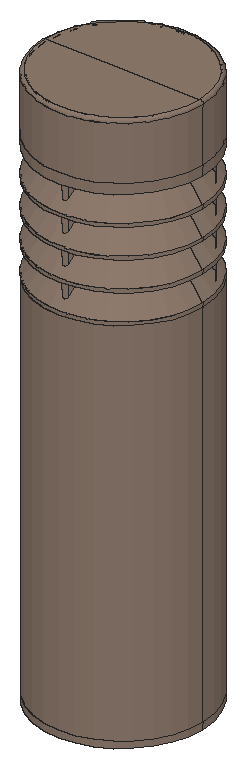
Revit family "BL6551", category Generic Models, Revit 2014
Parameters
  BOLLARD = Bronze, Architectural
Reference planes (in)
  plane 1 "Center (Front/Back)": y = 0
  plane 2: z = 0
  plane 3 "Center (Left/Right)": x = 0
Forms (in)
  Revolve 1, solid, material "Bronze, Architectural" <- "BOLLARD"
    sketch origin (0, 0, 0) x (1, 0, 0) y (0, 0, 1)
      loop
        arc (-5.75, 42) -> (-5.92678, 41.92678) -> (-6, 41.75) r 0.25
        line (-6, 41.75) -> (-6, 37.75) -> (-5.8125, 37.75) -> (-5.8125, 41.75)
        arc (-5.8125, 41.75) -> (-5.79419, 41.79419) -> (-5.75, 41.8125) r 0.0625
        line (-5.75, 41.8125) -> (0, 41.8125) -> (0, 42) -> (-5.75, 42)
      axis (0, 42) -> (0, 37.75)
    angle from 0 to 360
  Revolve 2, solid, material "Bronze, Architectural" <- "BOLLARD"
    sketch origin (0, 0, 0) x (1, 0, 0) y (0, 0, 1)
      loop
        line (-6, 37) -> (-3.25, 37) -> (-3.25, 37.75) -> (-6, 37.75) -> (-6, 37)
      axis (0, 37.75) -> (0, 37)
    angle from 0 to 360
  Revolve 3, solid, material "Bronze, Architectural" <- "BOLLARD"
    sketch origin (0, 0, 0) x (1, 0, 0) y (0, 0, 1)
      loop
        line (-6, 28.5) -> (-6, 28.25) -> (-5.75, 28.25) -> (-5.75, 28.51792) -> (-4.46999, 30.1875) -> (-3.75, 30.1875) -> (-3.75, 30.375) -> (-4.5625, 30.375) -> (-6, 28.5)
      loop
        line (-6, 30.6875) -> (-6, 30.4375) -> (-5.75, 30.4375) -> (-5.75, 30.70542) -> (-4.46999, 32.375) -> (-3.75, 32.375) -> (-3.75, 32.5625) -> (-4.5625, 32.5625) -> (-6, 30.6875)
      loop
        line (-6, 32.875) -> (-6, 32.625) -> (-5.75, 32.625) -> (-5.75, 32.89292) -> (-4.46999, 34.5625) -> (-3.75, 34.5625) -> (-3.75, 34.75) -> (-4.5625, 34.75) -> (-6, 32.875)
      loop
        line (-6, 35.0625) -> (-6, 34.8125) -> (-5.75, 34.8125) -> (-5.75, 35.08042) -> (-4.46999, 36.75) -> (-3.75, 36.75) -> (-3.75, 36.9375) -> (-4.5625, 36.9375) -> (-6, 35.0625)
      axis (0, 36.9375) -> (0, 28.25)
    angle from 0 to 360
  Revolve 4, solid, material "Bronze, Architectural" <- "BOLLARD"
    sketch origin (0, 0, 0) x (1, 0, 0) y (0, 0, 1)
      loop
        line (-5.98, 28.25) -> (-5.98, 0.5) -> (-5.75, 0.5) -> (-5.75, 28.25) -> (-5.98, 28.25)
      axis (0, 28.25) -> (0, 0.5)
    angle from 0 to 360
  Revolve 5, solid, material "Bronze, Architectural" <- "BOLLARD"
    sketch origin (0, 0, 0) x (1, 0, 0) y (0, 0, 1)
      loop
        line (-5.98, 0) -> (-3.48, 0) -> (-3.48, 0.5) -> (-5.98, 0.5) -> (-5.98, 0)
      axis (0, 0.5) -> (0, 0)
    angle from 0 to 360
  Extrusion 6, solid, material "Bronze, Architectural" <- "BOLLARD"
    sketch origin (28.33615, 26.95072, 38.98759) x (-0.866025, -0.5, 0) y (0.5, -0.866025, 0)
      loop
        line (33.45268, 9.67194) -> (32.70268, 9.42194)
        arc (32.70268, 9.42194) -> (32.52249, 9.17194) -> (32.70268, 8.92194) r 0.26352
        line (32.70268, 8.92194) -> (33.45268, 8.67194) -> (33.45268, 9.67194)
    from -10.73759 to -1.23759
  Extrusion 7, solid, material "Bronze, Architectural" <- "BOLLARD"
    sketch origin (9.17194, -38.01518, 38.98759) x (0, 1, 0) y (-1, 0, 0)
      loop
        line (33.45268, 9.67194) -> (32.70268, 9.42194)
        arc (32.70268, 9.42194) -> (32.52249, 9.17194) -> (32.70268, 8.92194) r 0.26352
        line (32.70268, 8.92194) -> (33.45268, 8.67194) -> (33.45268, 9.67194)
    from -10.73759 to -1.23759
  Extrusion 8, solid, material "Bronze, Architectural" <- "BOLLARD"
    sketch origin (-37.50808, 11.06446, 38.98759) x (0.866025, -0.5, 0) y (0.5, 0.866025, 0)
      loop
        line (33.45268, 9.67194) -> (32.70268, 9.42194)
        arc (32.70268, 9.42194) -> (32.52249, 9.17194) -> (32.70268, 8.92194) r 0.26352
        line (32.70268, 8.92194) -> (33.45268, 8.67194) -> (33.45268, 9.67194)
    from -10.73759 to -1.23759
Dimensions and locks (in)
  aligned and locked: plane 2 to level
